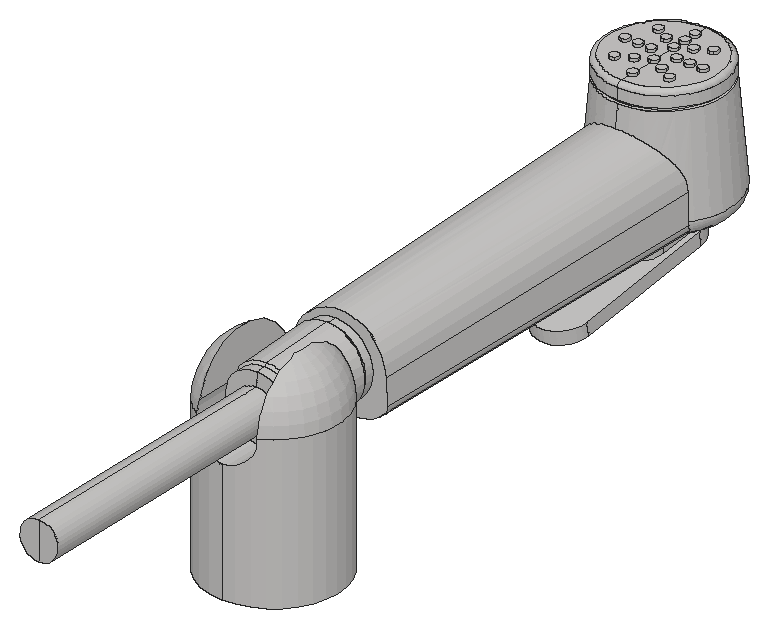
Revit family "Grohe_WallHolderSet_1025302431", category Plumbing Fixtures, host Face, Revit 2020
Family settings
  Host = Face
  Round Connector Dimension = Use Diameter
  Part Type = Normal
  OmniClass Number = 23.45.05.00
  OmniClass Title = Sanitary Equipment
  Cut with Voids When Loaded = No
  Shared = No
  Room Calculation Point = No
Parameters (values of type "Wall Holder Set (1025302431)")
  _ObjectUserGuide = "https://www.bimstore.co/products/grohe-1025302431/document/object-user-guide"
  _DistributedBy = "https://www.bimstore.co/"
  _CurrentRevision = 1
  _CreatedBy = "https://www.bimstore.co/"
  _BimSpecGuid = 0
  _BSBibleVersion = 17
  _AuthorizedBy = "bimstore"
  _Author = "RL 171"
  WarrantyStartDate [instance] = "Please Record on Commissioning"
  WarrantyGuarantorParts = "info-uk@grohe.com"
  WarrantyGuarantorLabor = "info-uk@grohe.com"
  WarrantyDurationUnit = "Years"
  WarrantyDurationParts = "0"
  WarrantyDurationLabor = "0"
  WarrantyDescription = "n/a"
  URL = "https://www.grohe.co.uk/en_gb/-1025302431.html"
  TypeName = "Wall Holder Set"
  Type Comments = "Wall Holder Set"
  TPIDocumentLink = "https://cdn.cloud.grohe.com/tpi/2000/2200/2210/2211/2211163/original/2211163.pdf"
  SustainabilityReport = "green.grohe.com/reporting"
  SustainabilityAward = "green.grohe.com/awards"
  SpareParts = "info-uk@grohe.com"
  Size = "n/a"
  Shape = "n/a"
  SerialNumber [instance] = "Please Record on Commissioning"
  ReplacementCost = "n/a"
  ReferencedStandard = "n/a"
  ProductionYear = "2023"
  ProductType = "Shower Set"
  ProductShortText = "Wall holder set 1 spray"
  ProductNumber = "1025302431"
  ProductDescription = "consisting of:\r\n\r\nhand shower with trigger control\r\n\r\nwall shower holder\r\n\r\nSilverflex Long-Life shower hose 1250 mm\r\n\r\nGROHE Water Saving 5.7 l/min flow limiter\r\n\r\nGROHE Long-Life finish\r\n\r\nSpeedClean anti-limescale system\r\n\r\nInner WaterGuide for a longer life\r\n\r\nTwistStop to prevent hose from twisting\r\n\r\nmin. recommended pressure 1.0 bar\r\n\r\nPlease refer to local norms regarding installation."
  PrimaryMaterial = Grohe_Chrome
  PQDiagramLink = "https://cdn.cloud.grohe.com/PQCharts/lores/1/102/original/1025302431-pqchart-en_GB.svg"
  NominalLength = 0 mm
  NominalHeight = 0 mm
  NominalDepth = 0 mm
  NBSReference = "45-35-70/290"
  NBSOfficeMasterTag = "n/a"
  NBSObjectName = "Grohe - Shower fittings package"
  NBSNote = "n/a"
  NBSDescription = "Shower fittings package"
  ModelReference = "Wall Holder Set"
  ModelNumber = "1025302431"
  Model = "Wall Holder Set"
  Material = "n/a"
  ManufacturerName = "Grohe"
  Manufacturer = "Grohe"
  Keynote = "N16"
  InstallationVideo = "n/a"
  InstallationDate [instance] = "Please Record on Commissioning"
  IfcExportType = "IfcPipeFittingType"
  IfcExportAs = "IfcPipeFitting"
  Grade = "n/a"
  GROHESustainability = "green.grohe.com"
  GROHESocialCommittment = "green.grohe.com/social_engagement"
  FullRecyclabilityOfPlastic = "All plastic components are fully recycable"
  Finish = "Chrome"
  Features = "n/a"
  ExpectedLife = 0
  Ecojoy = no
  DurationUnit = "Years"
  DocumentationTechnical = "https://www.bimstore.co/products/grohe-1025302431/document/technical-data-sheet"
  DocumentationMaintenance = "https://www.bimstore.co/products/grohe-1025302431/document/maintenance-information"
  DocumentationLiterature = "https://www.bimstore.co/products/grohe-1025302431/document/product-literature"
  DocumentationInstallationGuide = "https://www.bimstore.co/products/grohe-1025302431/document/installation-guide"
  DocumentationCertificates = "https://www.bimstore.co/products/grohe-1025302431/document/product-certificates"
  DimensionsDocumentLink = "https://cdn.cloud.grohe.com/dimdraw/2000/2000/2070/2071/2071594/1280/2071594.jpg"
  Description = "Wall Holder Set"
  Default Elevation = 0 mm
  CreatedOn = "2023-12-05T:09:00:00"
  CreatedBy = "info-uk@grohe.com"
  CradleToCradleCertification = "n/a"
  Cost = 0
  Constituents = "n/a"
  Color = "Grohe_Chrome"
  CodePerformance = "n/a"
  ClassificationValue = "Pr_40_20_87_55"
  ClassificationName = "Uniclass2015"
  CO2NeutralProduction = "GROHE is one of the first leading manufacturer within the sanitary industry having a CO2-neutral production."
  BarCode [instance] = "Please Record on Commissioning"
  BIMObjectName = "Grohe_WallHolderSet_1025302431"
  AssetType = "Fixed"
  AssetIdentifier [instance] = "n/a"
  Assembly Code = "D2013"
  AccessibilityPerformance = "n/a"
Reference planes
  plane 1 "Center (Front/Back)": y = 0
  plane 2: z = 0
  plane 3 "Center (Left/Right)": x = 0
  plane 4: y = 151.234
Forms (mm)
  Revolve 1, solid, material "Grohe_Chrome" <- "PrimaryMaterial"
    sketch origin (0, 0, 0) x (0, 1, 0) y (0, 0, 1)
      loop
        line (20, 0) -> (20, 46.808)
        arc (20, 46.808) -> (14.142, 60.95) -> (0, 66.808) r 20
        line (0, 66.808) -> (0, 0) -> (20, 0)
      axis (0, 66.808) -> (0, 0)
    angle from 0 to 360
  Revolve 2, solid, material "Grohe_Chrome" <- "PrimaryMaterial"
    sketch origin (0, 0, 0) x (0, 1, 0) y (0, 0, 1)
      loop
        line (-90.818, 53.35) -> (-90.818, 47.5) -> (25.689, 47.5) -> (25.689, 56.6) -> (24.17, 56.6) -> (24.17, 58.8) -> (21.356, 58.8) -> (20.642, 59.3) -> (-2.644, 58.264) -> (-3.389, 57.518) -> (-6.658, 57.518) -> (-6.658, 53.35) -> (-90.818, 53.35)
      axis (25.689, 47.5) -> (-90.818, 47.5)
    angle from 0 to 360
  Blend 3, solid, material "Grohe_Chrome" <- "PrimaryMaterial"
    base sketch origin (0, 0, 0) x (1, 0, 0) y (0, 0, 1)
      loop
        arc (-6.039, 32.541) -> (0, 32.231) -> (6.039, 32.541) r 59.034
        arc (6.039, 32.541) -> (10.493, 33.842) -> (14.196, 36.64) r 12.85
        arc (14.196, 36.64) -> (14.811, 37.661) -> (14.98, 38.841) r 3
        line (14.98, 38.841) -> (14.522, 46.74)
        arc (14.522, 46.74) -> (0, 60.445) -> (-14.522, 46.74) r 14.546
        line (-14.522, 46.74) -> (-14.98, 38.841)
        arc (-14.98, 38.841) -> (-14.811, 37.661) -> (-14.196, 36.64) r 3
        arc (-14.196, 36.64) -> (-10.493, 33.842) -> (-6.039, 32.541) r 12.85
    top sketch origin (0, 0, 0) x (1, 0, 0) y (0, 0, 1)
      loop
        arc (-6.874, 32.584) -> (0, 32.231) -> (6.874, 32.584) r 67.199
        arc (6.874, 32.584) -> (11.945, 34.064) -> (16.159, 37.249) r 14.627
        arc (16.159, 37.249) -> (16.859, 38.412) -> (17.051, 39.755) r 3.415
        line (17.051, 39.755) -> (16.531, 48.746)
        arc (16.531, 48.746) -> (0, 64.347) -> (-16.531, 48.746) r 16.558
        line (-16.531, 48.746) -> (-17.051, 39.755)
        arc (-17.051, 39.755) -> (-16.859, 38.412) -> (-16.159, 37.249) r 3.415
        arc (-16.159, 37.249) -> (-11.945, 34.064) -> (-6.874, 32.584) r 14.627
    from -25.689 to -151.234
  Revolve 4, solid, material "Grohe_Chrome" <- "PrimaryMaterial"
    sketch origin (0, 0, 0) x (0, 1, 0) y (0, 0, 1)
      loop
        line (169.202, 71.45) -> (169.202, 74.793)
        arc (169.202, 74.793) -> (168.763, 75.853) -> (167.702, 76.293) r 1.5
        line (167.702, 76.293) -> (151.234, 76.293) -> (151.234, 71.45) -> (169.202, 71.45)
      axis (151.234, 71.45) -> (151.234, 76.293)
    angle from 0 to 360
  Revolve 5, solid, material "Grohe_Chrome" <- "PrimaryMaterial"
    sketch origin (0, 0, 0) x (0, 1, 0) y (0, 0, 1)
      loop
        line (169.202, 70.439) -> (168.152, 70.439) -> (168.152, 71.45) -> (151.234, 71.45) -> (151.234, 32.231) -> (156.938, 32.231)
        arc (156.938, 32.231) -> (163.954, 33.459) -> (170.138, 36.995) r 20.67
        arc (170.138, 36.995) -> (171.359, 38.643) -> (171.68, 40.668) r 4.308
        line (171.68, 40.668) -> (169.202, 70.439)
      axis (151.234, 71.45) -> (151.234, 32.231)
    angle from 0 to 360
  Extrusion 6, void
    sketch origin (0, 0, 0) x (1, 0, 0) y (0, 0, 1)
      loop
        arc (-9.182, 51.065) -> (-3.565, 38.318) -> (9.182, 43.935) r 9.85
        line (9.182, 43.935) -> (9.182, 68.103) -> (-9.182, 68.103) -> (-9.182, 51.065)
    from -25 to 25
  Extrusion 7, solid, material "Grohe_Chrome" <- "PrimaryMaterial"
    sketch origin (0, 1.271, 2.942) x (1, 0, 0) y (0, 0.990715, 0.135953)
      loop
        arc (-8, 111.808) -> (0, 103.808) -> (8, 111.808) r 8
        line (8, 111.808) -> (8, 155.723)
        arc (8, 155.723) -> (0, 163.723) -> (-8, 155.723) r 8
        line (-8, 155.723) -> (-8, 111.808)
    from 0 to 4
  Extrusion 8, solid, material "Grohe_Chrome" <- "PrimaryMaterial"
    sketch origin (0, -0.938, 0) x (1, 0, 0) y (0, 1, 0)
      loop
        line (-6, 155.004) -> (-6, 144.497)
        spline (-6, 144.497) -> (-5.795, 142.967) -> (-5.2, 141.541) -> (-4.248, 140.314) -> (-3.007, 139.369) -> (-1.557, 138.775) -> (0, 138.571) -> (1.557, 138.775) -> (3.007, 139.369) -> (4.248, 140.314) -> (5.2, 141.541) -> (5.795, 142.967) -> (6, 144.497)
        line (6, 144.497) -> (6, 155.004)
        spline (6, 155.004) -> (5.795, 156.533) -> (5.2, 157.96) -> (4.248, 159.187) -> (3.007, 160.132) -> (1.557, 160.726) -> (0, 160.93) -> (-1.557, 160.726) -> (-3.007, 160.132) -> (-4.248, 159.187) -> (-5.2, 157.96) -> (-5.795, 156.533) -> (-6, 155.004)
    from 25.594 to 40.183
  Extrusion 9, solid, material "Grohe_Chrome" <- "PrimaryMaterial"
    sketch origin (0, 0, 0) x (1, 0, 0) y (0, 1, 0)
      loop
        circle (0, 163.32) r 1.4
      loop
        circle (-12.086, 151.234) r 1.4
      loop
        circle (0, 139.148) r 1.4
      loop
        circle (12.086, 151.234) r 1.4
      loop
        circle (-8.546, 159.78) r 1.4
      loop
        circle (8.546, 159.78) r 1.4
      loop
        circle (-8.546, 142.688) r 1.4
      loop
        circle (8.546, 142.688) r 1.4
      loop
        circle (0, 155.072) r 1.4
      loop
        circle (-3.982, 151.234) r 1.4
      loop
        circle (3.982, 151.234) r 1.4
      loop
        circle (0, 147.397) r 1.4
      loop
        circle (0, 159.381) r 1.4
      loop
        circle (-4.273, 157.426) r 1.4
      loop
        circle (4.273, 157.426) r 1.4
      loop
        circle (-4.273, 145.043) r 1.4
      loop
        circle (4.273, 145.043) r 1.4
      loop
        circle (-8, 151.234) r 1.4
      loop
        circle (8, 151.234) r 1.4
    from 71.45 to 76.9
Cuts and joins
  Extrusion 6 cuts Revolve 1
  joined: Blend 3, Revolve 5, Extrusion 7, Extrusion 8
  joined: Revolve 4, Extrusion 9
Dimensions and locks
  aligned and locked: plane 2 to host face
  aligned and locked: level to host face
